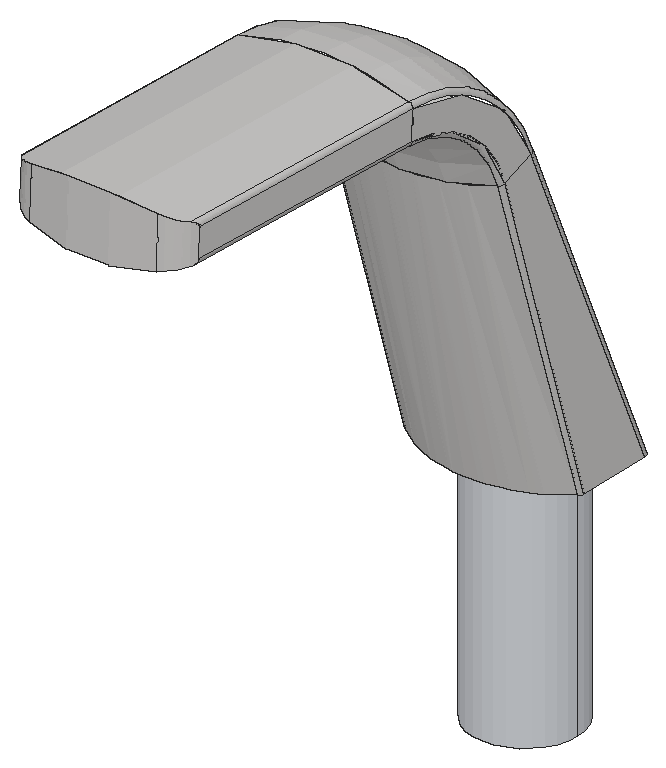
Revit family "TSL.R020", category Specialty Equipment, host Face, Revit 2017
Family settings
  Host = Face
  Round Connector Dimension = Use Diameter
  Part Type = Normal
  OmniClass Number = 23.40.20.21.34
  OmniClass Title = Soap Holders, Dispensers
  Cut with Voids When Loaded = No
  Shared = No
  Room Calculation Point = No
Parameters (values of type "TSL.R020")
  material = Steel-Lovair-Satin
  Waste Connection = no
  WarrantyStartDate [instance] = "1900-12-31T23:59:59"
  WarrantyGuarantorParts = "https://thesplashlab.com/"
  WarrantyGuarantorLabor = "n/a"
  WarrantyDurationUnit = "year"
  WarrantyDurationParts = "1"
  WarrantyDurationLabor = "n/a"
  WarrantyDescription = "2 years from date of purchase"
  Version = 0
  Vent Connection = no
  Uniclass2 = "45-35-72/358"
  URL = "https://thesplashlab.com/"
  TypeName = "TSL.R020"
  Type Comments = ""
  TagNumber [instance] = "n/a"
  SustainabilityPerformance = "n/a"
  Size = "n/a"
  Shape = "n/a"
  SerialNumber [instance] = "n/a"
  Revision = "n/a"
  ReplacementCost = "n/a"
  ReferencedStandard = ""
  ProductionYear = ""
  ProductInformation = "https://thesplashlab.com/"
  Product Specification Link = "https://thesplashlab.com/"
  Product Page Link = "https://thesplashlab.com/"
  Product O&M Link = "https://thesplashlab.com/"
  Product Documentation Link = "https://thesplashlab.com/"
  NominalWidth = 48 mm
  NominalLength = 164.3 mm
  NominalHeight = 113 mm
  Name = "TSL.R020"
  NBSTypeID = ""
  NBSReference = Uniclass2  # "45-35-72/358"
  NBSNote = ""
  NBSDescription = "n/a"
  NBS Specfication = ""
  ModelReference = "n/a"
  ModelNumber = "TSL.R020"
  Model = "TSL.R020"
  Material = "Stainless Steel"
  ManufacturerURL = "https://thesplashlab.com/"
  Manufacturer Tel = ""
  Manufacturer Fax = ""
  Manufacturer Address = ""
  Manufacturer = "The Splash lab"
  Keynote = "N13/310"
  InstallationDate [instance] = "1900-12-31T23:59:59"
  IfcExportType = "SOAPDISPENSER"
  IfcExportAs = "IfcBuildingElementProxy"
  Grade = "304"
  Finish = "Brushed"
  Features = "n/a"
  Extidentifier = ""
  ExpectedLife = 2
  DurationUnit = "year"
  DocumentationTechnical = "https://thesplashlab.com/"
  DocumentationMaintenance = "https://thesplashlab.com/"
  DocumentationLiterature = "https://thesplashlab.com/"
  DocumentationInstallationGuide = "https://thesplashlab.com/"
  DocumentationCertificates = ""
  Description = ""
  Default Elevation = 0 mm
  CreatedOn = "April 2019"
  Constituents = "n/a"
  Color = "n/a"
  CodePerformance = "n/a"
  ClassificationValue = ""
  ClassificationName = ""
  Category = "n/a"
  BarCode [instance] = "n/a"
  BIMObjectName = "TSL.R020"
  Author = "https://thesplashlab.com/"
  AssetType = "fixed"
  AssetIdentifier [instance] = "n/a"
  Assembly Code = "C1030210"
  AccessibilityPerformance = "n/a"
Reference planes
  plane 1 "Center (Front/Back)": y = 0
  plane 2: z = 0
  plane 3 "Center (Left/Right)": x = 0
  plane 4: through (0, -66.841, 129.287) normal (0, 0.0418, 0.9991)
Forms (mm)
  SweptBlend 1, solid, material "Steel-Lovair-Satin" <- "material"
    path in 3D
      loop
        line (0, 2.921, -8.347) -> (0, -36.412, 99.717)
    profile origin (0, 2.921, -8.347) x (0, -0.939693, -0.34202) y (1, 0, 0)
      loop
        arc (11.408, -27) -> (12.111, -26.846) -> (12.686, -26.414) r 1.687
        arc (12.686, -26.414) -> (22.5, 0) -> (12.686, 26.415) r 40.454
        arc (12.686, 26.415) -> (12.111, 26.847) -> (11.408, 27) r 1.687
        line (11.408, 27) -> (-11.408, 27)
        arc (-11.408, 27) -> (-12.111, 26.847) -> (-12.686, 26.415) r 1.687
        arc (-12.686, 26.415) -> (-22.5, 0) -> (-12.686, -26.414) r 40.454
        arc (-12.686, -26.414) -> (-12.111, -26.846) -> (-11.408, -27) r 1.687
        line (-11.408, -27) -> (11.408, -27)
    end profile origin (0, -36.412, 99.717) x (0, -0.939693, -0.34202) y (1, 0, 0)
      loop
        line (5.249, 26.997) -> (-5.214, 26.997)
        arc (-5.214, 26.997) -> (-6.122, 26.731) -> (-6.745, 26.019) r 1.687
        arc (-6.745, 26.019) -> (-12.482, -0.003) -> (-6.744, -26.025) r 61.873
        arc (-6.744, -26.025) -> (-6.121, -26.737) -> (-5.213, -27.003) r 1.687
        line (-5.213, -27.003) -> (5.248, -27.003)
        arc (5.248, -27.003) -> (6.156, -26.737) -> (6.779, -26.025) r 1.687
        arc (6.779, -26.025) -> (12.518, -0.003) -> (6.78, 26.019) r 61.873
        arc (6.78, 26.019) -> (6.158, 26.731) -> (5.249, 26.997) r 1.687
  Extrusion 2, void
    sketch origin (0, -9.977, 0) x (0, 1, 0) y (0, 0, 1)
      loop
        line (44.017, 0) -> (-18.568, 0) -> (-18.568, -28.187) -> (44.017, -28.187) -> (44.017, 0)
    from -47.752 to 41.76
  Revolve 3, solid, material "Steel-Lovair-Satin" <- "material"
    sketch origin (0, -9.977, 27.089) x (0, 1, 0) y (0, 0, 1)
      loop
        line (-121.149, 104.469) -> (-121.532, 95.318)
        arc (-121.532, 95.318) -> (-121.138, 94.242) -> (-120.098, 93.76) r 1.497
        line (-120.098, 93.76) -> (-119.096, 93.718) -> (-119.034, 95.217) -> (-117.461, 95.151) -> (-116.175, 91.768) -> (-111.679, 91.58) -> (-111.158, 104.052) -> (-121.149, 104.469)
      axis (-111.158, 104.052) -> (-111.679, 91.58)
    angle from 0 to 360
  SweptBlend 4, solid, material "Steel-Lovair-Satin"
    path origin (0, -9.977, 0) x (0, 1, 0) y (0, 0, 1)
      loop
        arc (-26.435, 99.717) -> (-42.146, 120.641) -> (-66.841, 129.287) r 45
    profile origin (0, -36.412, 99.717) x (0, -0.939693, -0.34202) y (1, 0, 0)
      loop
        arc (-6.744, -26.025) -> (-6.121, -26.738) -> (-5.212, -27.003) r 1.688
        line (-5.212, -27.003) -> (5.248, -27.003)
        arc (5.248, -27.003) -> (6.156, -26.738) -> (6.779, -26.025) r 1.688
        arc (6.779, -26.025) -> (12.518, -0.003) -> (6.78, 26.019) r 61.873
        arc (6.78, 26.019) -> (6.158, 26.732) -> (5.249, 26.997) r 1.688
        line (5.249, 26.997) -> (-5.221, 26.997)
        arc (-5.221, 26.997) -> (-6.124, 26.732) -> (-6.744, 26.022) r 1.682
        arc (-6.744, 26.022) -> (-12.482, -0.001) -> (-6.744, -26.025) r 61.873
    end profile origin (0, -76.818, 129.287) x (0, -0.041774, -0.999127) y (1, 0, 0)
      loop
        arc (-5.915, 25.832) -> (-9.967, 0) -> (-5.915, -25.831) r 84.353
        arc (-5.915, -25.831) -> (-5.291, -26.685) -> (-4.281, -26.999) r 1.684
        line (-4.281, -26.999) -> (4.417, -26.999)
        arc (4.417, -26.999) -> (5.388, -26.664) -> (5.985, -25.828) r 1.688
        arc (5.985, -25.828) -> (10.035, 0.001) -> (5.985, 25.83) r 84.383
        arc (5.985, 25.83) -> (5.378, 26.672) -> (4.393, 27) r 1.688
        line (4.393, 27) -> (-4.311, 27)
        arc (-4.311, 27) -> (-5.303, 26.677) -> (-5.915, 25.832) r 1.684
  Extrusion 5, void
    sketch origin (0, 16.419, 125.389) x (0, 0.999127, -0.041774) y (1, 0, 0)
      loop
        line (-215.746, 31.887) -> (-215.746, -31.887) -> (-169.704, -31.887) -> (-169.704, -27.955)
        arc (-169.704, -27.955) -> (-176.728, -25.52) -> (-180.737, -19.26) r 11.348
        arc (-180.737, -19.26) -> (-183.021, 0) -> (-180.738, 19.26) r 82.384
        arc (-180.738, 19.26) -> (-176.728, 25.52) -> (-169.704, 27.955) r 11.348
        line (-169.704, 27.955) -> (-169.704, 31.887) -> (-215.746, 31.887)
    from -18.489 to 27.383
  Sweep 6, solid, material "Steel-Lovair-Satin"
    path origin (0, -9.977, 0) x (0, 1, 0) y (0, 0, 1)
      loop
        line (-66.841, 129.287) -> (-181.097, 134.064)
    profile origin (0, -133.946, 131.676) x (0, -0.041774, -0.999127) y (1, 0, 0)
      loop
        arc (-5.913, -25.832) -> (-5.284, -26.678) -> (-4.28, -27) r 1.727
        line (-4.28, -27) -> (4.42, -26.999)
        arc (4.42, -26.999) -> (5.39, -26.664) -> (5.986, -25.829) r 1.688
        arc (5.986, -25.829) -> (10.034, -0.065) -> (6.026, 25.705) r 84.418
        arc (6.026, 25.705) -> (5.426, 26.637) -> (4.378, 27) r 1.696
        line (4.378, 27) -> (-4.31, 27)
        arc (-4.31, 27) -> (-5.302, 26.677) -> (-5.913, 25.831) r 1.684
        arc (-5.913, 25.831) -> (-9.966, 0) -> (-5.913, -25.832) r 84.355
  Extrusion 7, solid
    sketch origin (-266.8, -230.5, 0) x (1, 0, 0) y (0, 1, 0)
      loop
        circle (266.8, 230.5) r 16
    from 0 to -75.013
Cuts and joins
  Extrusion 2 cuts SweptBlend 1
  Extrusion 5 cuts Sweep 6
Lines and regions (mm)
  Masking region 1
    outline origin (-266.8, -240.477, 0) x (1, 0, 0) y (0, 1, 0)
      loop
        arc (240.43, 250.402) -> (239.964, 249.76) -> (239.8, 248.984) r 1.905
        line (239.8, 248.984) -> (239.8, 82.711)
        arc (239.8, 82.711) -> (242.82, 78.622) -> (247.265, 76.155) r 11.958
        arc (247.265, 76.155) -> (266.8, 73.612) -> (286.335, 76.155) r 76.279
        arc (286.335, 76.155) -> (290.78, 78.622) -> (293.8, 82.711) r 11.958
        line (293.8, 82.711) -> (293.8, 248.984)
        arc (293.8, 248.984) -> (293.645, 249.739) -> (293.204, 250.371) r 1.905
        arc (293.204, 250.371) -> (266.823, 260.881) -> (240.43, 250.402) r 38.422
  Masking region 2
    outline origin (0, 0, 0) x (0, 1, 0) y (0, 0, 1)
      loop
        line (23.76, 0) -> (-24.682, 103.987)
        arc (-24.682, 103.987) -> (-45.207, 129.441) -> (-76.402, 139.244) r 56.447
        line (-76.402, 139.244) -> (-166.053, 142.993) -> (-166.889, 123.012) -> (-77.237, 119.264)
        arc (-77.237, 119.264) -> (-59.181, 111.649) -> (-48.174, 95.436) r 34.538
        line (-48.174, 95.436) -> (-22.533, 0) -> (23.76, 0)
  Masking region 3
    outline origin (-106.16, -28.869, 0) x (-1, 0, 0) y (0, 0, -1)
      loop
        line (-79.16, 0) -> (-133.16, 0) -> (-133.16, -136.975)
        arc (-133.16, -136.975) -> (-132.84, -138.001) -> (-131.992, -138.662) r 1.803
        arc (-131.992, -138.662) -> (-106.163, -142.993) -> (-80.333, -138.664) r 79.209
        arc (-80.333, -138.664) -> (-79.482, -138.003) -> (-79.16, -136.975) r 1.803
        line (-79.16, -136.975) -> (-79.16, 0)
  reference lines
    curve 1: line (0, 2.921, -8.347) -> (0, -36.412, 99.717)
    curve 2: line (0, -156.104, 132.602) -> (0, -76.818, 129.287)
    curve 3: arc (0, -36.412, 99.717) -> (0, -52.122, 120.641) -> (0, -76.818, 129.287) r 45
    curve 5: line (0, -121.135, 131.14) -> (0, -121.761, 116.153)
  sketch lines
    curve 4: line (0, 2.921, -8.347) -> (0, -36.412, 99.717)
  symbolic lines
    curve 6: arc (-24.503, -30.874, 0) -> (0, -25.683, 0) -> (24.503, -30.874, 0) r 60.42
    curve 7: line (0, -117.16, 118.481) -> (0, -126.152, 118.857)
    curve 8: line (0, -126.152, 118.857) -> (0, -126.858, 120.714)
    curve 9: line (0, -117.16, 118.481) -> (0, -116.302, 120.272)
    curve 10: line (0, -113.03, 120.136) -> (0, -130.13, 120.851)
    curve 11: arc (0, -130.13, 120.851) -> (0, -130.773, 121.045) -> (0, -131.247, 121.522) r 1.372
    curve 12: arc (0, -113.03, 120.136) -> (0, -112.373, 120.276) -> (0, -111.861, 120.711) r 1.372
    curve 13: arc (-25.823, -28.869, 126.807) -> (-26.666, -28.869, 127.322) -> (-26.999, -28.869, 128.252) r 1.484
    curve 14: arc (25.823, -28.869, 126.807) -> (26.666, -28.869, 127.322) -> (26.999, -28.869, 128.252) r 1.484
    curve 15: arc (-25.823, -28.869, 126.807) -> (0, -28.869, 122.994) -> (25.823, -28.869, 126.807) r 89.36
    curve 16: line (-10.011, -28.869, 123.557) -> (-10.011, -28.869, 122.007)
    curve 17: arc (-10.011, -28.869, 122.007) -> (-9.539, -28.869, 120.868) -> (-8.399, -28.869, 120.396) r 1.611
    curve 18: line (10.011, -28.869, 123.557) -> (10.011, -28.869, 122.007)
    curve 19: arc (10.011, -28.869, 122.007) -> (9.539, -28.869, 120.868) -> (8.399, -28.869, 120.396) r 1.611
    curve 20: arc (-8.399, -28.869, 120.396) -> (0, -28.869, 120.129) -> (8.399, -28.869, 120.396) r 132.414
    curve 21: line (-5.176, -28.869, 120.23) -> (-4.509, -28.869, 118.66)
    curve 22: line (5.176, -28.869, 120.23) -> (4.509, -28.869, 118.66)
    curve 23: arc (-4.509, -28.869, 118.66) -> (0, -28.869, 118.452) -> (4.509, -28.869, 118.66) r 49.146
    curve 24: line (0, -14.261, -179.031) -> (0, -0.856, -160.619)
    curve 25: line (0, -12.761, -179.031) -> (0, 0.644, -160.619)
    curve 26: line (0, -1.933, -160.219) -> (0, 1.933, -160.219)
    curve 27: line (0, 13.737, -178.875) -> (0, 0.644, -160.619)
    curve 28: line (0, 12.443, -178.898) -> (0, 0.025, -164.613)
    curve 29: line (0, -14.261, -251.657) -> (0, -0.856, -270.069)
    curve 30: line (0, -12.761, -251.657) -> (0, 0.644, -270.069)
    curve 31: line (0, -1.933, -270.469) -> (0, 2.067, -270.469)
    curve 32: line (0, 13.737, -251.812) -> (0, 0.644, -270.069)
    curve 33: line (0, 12.443, -251.789) -> (0, 0.025, -266.075)
    curve 34: line (0, -1.933, -270.469) -> (0, 5.394, -410.277)
    curve 35: line (0, 67.125, -326.535) -> (0, 8, -75.013)
    curve 36: line (0, 61.267, -326.535) -> (0, 2.018, -75.48)
    curve 37: line (0, 1.933, -160.219) -> (0, 1.933, -75.013)
    curve 38: line (0, -1.933, -160.219) -> (0, -1.933, -75.013)
    curve 39: line (0, 2.067, -270.469) -> (0, 7.802, -407.082)
Dimensions and locks
  aligned and locked: plane 2 to host face
  aligned and locked: level to host face
  aligned and locked: Revolve 3 sketch curve to curve 5  (x2)
Nested families
  nested 1: "881 solenoid" at (0, 64.5, -425.469) x (0, -1, 0) z (1, 0, 0), type "881 solenoid"
  nested 2: "sensor leads" at (0, 13.262, -207.28) x (0, 1, 0) z (1, 0, 0), type "sensor leads"
  nested 3: "sensor leads" at (0, -13.778, -223.275) x (0, -1, 0) z (1, 0, 0), type "sensor leads"
Definition of nested family "881 solenoid"
  Reference planes
    plane 1 "Center (Front/Back)": y = 0
    plane 2: z = 0
    plane 3 "Center (Left/Right)": x = 0
  Lines and regions (mm)
    Masking region 1, in view "Ref. Level"
      outline origin (0, 0, 0) x (1, 0, 0) y (0, 1, 0)
        loop
          line (-6.606, 88.813) -> (-6.606, 82.475) -> (-7.46, 82.475) -> (-7.46, 79.729) -> (-7.46, 76.812) -> (-9.168, 76.812) -> (-9.168, 69.092) -> (-11.575, 69.092) -> (-11.575, 57.438) -> (-9, 57.438) -> (-9, 42.352) -> (-9, 27.774) -> (-6.606, 27.774) -> (-6.606, 15.772) -> (-9, 15.772) -> (-9, 0) -> (9, 0) -> (9, 15.772) -> (6.774, 15.772) -> (6.774, 17.315) -> (18.084, 17.315) -> (18.084, 25.724) -> (19.63, 25.724) -> (19.63, 21.436) -> (45.867, 21.436) -> (45.867, 25.724) -> (47.918, 25.724) -> (47.918, 40.462) -> (46.728, 40.462) -> (46.728, 76.296) -> (41.92, 76.296) -> (41.92, 44.749) -> (19.63, 44.749) -> (19.63, 40.462) -> (18.084, 40.462) -> (18.084, 48.869) -> (9, 48.869) -> (9, 57.438) -> (11.743, 57.438) -> (11.743, 69.092) -> (9.343, 69.092) -> (9.343, 76.812) -> (7.628, 76.812) -> (7.628, 79.729) -> (7.628, 82.475) -> (6.606, 82.475) -> (6.606, 88.813) -> (6.606, 96.188) -> (4.374, 96.188) -> (4.374, 97.391) -> (6.431, 97.909) -> (5.746, 98.934) -> (-5.746, 98.934) -> (-6.431, 97.909) -> (-4.374, 97.391) -> (-4.374, 96.188) -> (-6.606, 96.188) -> (-6.606, 88.813)
    model lines, in view "Ref. Level"
      curve 1: line (-11.575, 69.092, 0) -> (11.743, 69.092, 0)
      curve 2: line (11.743, 69.092, 0) -> (11.743, 57.438, 0)
      curve 3: line (11.743, 57.438, 0) -> (-11.575, 57.438, 0)
      curve 4: line (-11.575, 57.438, 0) -> (-11.575, 69.092, 0)
      curve 5: line (-9.168, 76.812, 0) -> (9.343, 76.812, 0)
      curve 6: line (9.343, 76.812, 0) -> (9.343, 69.092, 0)
      curve 7: line (9.343, 69.092, 0) -> (-9.168, 69.092, 0)
      curve 8: line (-9.168, 69.092, 0) -> (-9.168, 76.812, 0)
      curve 9: line (-7.117, 76.812, 0) -> (7.285, 76.812, 0)
      curve 10: line (7.285, 79.729, 0) -> (-7.117, 79.729, 0)
      curve 11: line (-7.46, 79.729, 0) -> (7.628, 79.729, 0)
      curve 12: line (7.628, 82.475, 0) -> (-7.46, 82.475, 0)
      curve 13: line (-6.606, 88.813, 0) -> (6.774, 88.813, 0)
      curve 14: line (6.942, 82.475, 0) -> (-6.774, 82.475, 0)
      curve 15: line (-6.606, 88.813, 0) -> (6.606, 88.813, 0)
      curve 16: line (-6.606, 96.188, 0) -> (-6.606, 88.813, 0)
      curve 17: line (-9, 57.438, 0) -> (-9, 42.352, 0)
      curve 18: line (-6.606, 27.774, 0) -> (5.228, 27.774, 0)
      curve 19: line (-6.606, 27.774, 0) -> (-6.606, 15.772, 0)
      curve 20: line (9, 15.772, 0) -> (-9, 15.772, 0)
      curve 21: line (-9, 15.772, 0) -> (-9, 0, 0)
      curve 22: line (-9, 0, 0) -> (9, 0, 0)
      curve 23: line (9, 0, 0) -> (9, 15.772, 0)
      curve 24: line (6.774, 15.772, 0) -> (6.774, 17.315, 0)
      curve 25: line (6.774, 17.315, 0) -> (18.084, 17.315, 0)
      curve 26: line (18.084, 17.315, 0) -> (18.084, 48.869, 0)
      curve 27: line (18.084, 48.869, 0) -> (9, 48.869, 0)
      curve 28: line (9, 48.869, 0) -> (9, 57.438, 0)
      curve 29: line (-9, 47.148, 0) -> (5.228, 47.148, 0)
      curve 30: line (5.228, 47.148, 0) -> (5.228, 45.267, 0)
      curve 31: line (5.228, 45.267, 0) -> (-9, 45.267, 0)
      curve 32: line (-7.978, 36.182, 0) -> (5.228, 36.182, 0)
      curve 33: line (5.228, 36.182, 0) -> (5.228, 29.833, 0)
      curve 34: line (5.228, 29.833, 0) -> (-7.978, 29.833, 0)
      curve 35: line (-7.978, 29.833, 0) -> (-7.978, 36.182, 0)
      curve 36: line (8.916, 48.785, 0) -> (5.228, 47.148, 0)
      curve 37: line (5.228, 47.148, 0) -> (5.228, 17.831, 0)
      curve 38: line (5.228, 17.831, 0) -> (6.774, 17.315, 0)
      curve 39: line (18.084, 40.462, 0) -> (47.918, 40.462, 0)
      curve 40: line (47.918, 40.462, 0) -> (47.918, 25.724, 0)
      curve 41: line (47.918, 25.724, 0) -> (18.084, 25.724, 0)
      curve 42: line (41.92, 76.296, 0) -> (46.728, 76.296, 0)
      curve 43: line (46.728, 76.296, 0) -> (46.728, 40.462, 0)
      curve 44: line (46.728, 40.462, 0) -> (41.92, 40.462, 0)
      curve 45: line (41.92, 40.462, 0) -> (41.92, 76.296, 0)
      curve 46: line (19.63, 44.749, 0) -> (41.92, 44.749, 0)
      curve 47: line (41.92, 44.749, 0) -> (41.92, 40.462, 0)
      curve 48: line (41.92, 40.462, 0) -> (19.63, 40.462, 0)
      curve 49: line (19.63, 40.462, 0) -> (19.63, 44.749, 0)
      curve 50: line (45.867, 21.436, 0) -> (19.63, 21.436, 0)
      curve 51: line (19.63, 21.436, 0) -> (19.63, 25.724, 0)
      curve 52: line (19.63, 25.724, 0) -> (45.867, 25.724, 0)
      curve 53: line (45.867, 25.724, 0) -> (45.867, 21.436, 0)
    detail lines, in view "Ref. Level"
      curve 54: line (-9.349, 42.352, 0) -> (5.228, 42.352, 0)
      curve 55: line (-4.374, 96.188, 0) -> (4.374, 96.188, 0)
      curve 56: line (-4.374, 97.391, 0) -> (4.374, 97.391, 0)
Definition of nested family "sensor leads"
  Reference planes
    plane 1 "Center (Front/Back)": y = 0
    plane 2: z = 0
    plane 3 "Center (Left/Right)": x = 0
  Lines and regions (mm)
    model lines, in view "Ref. Level"
      curve 1: arc (2.502, -23.078, 0) -> (1.639, -24.33, 0) -> (2.5, -25.583, 0) r 1.342
      curve 2: arc (-2.502, -23.078, 0) -> (-1.639, -24.33, 0) -> (-2.5, -25.583, 0) r 1.342
      curve 3: line (3.638, -17.723, 0) -> (2.706, -22.253, 0)
      curve 4: line (2.623, -22.253, 0) -> (2.502, -23.078, 0)
      curve 5: line (0, -16.927, 0) -> (3.467, -16.927, 0)
      curve 6: line (3.467, -16.927, 0) -> (3.732, -17.056, 0)
      curve 7: line (3.467, -16.391, 0) -> (0, -16.391, 0)
      curve 8: line (0, -16.391, 0) -> (-3.467, -16.391, 0)
      curve 9: line (-3.467, -16.391, 0) -> (-3.467, -16.927, 0)
      curve 10: line (-3.467, -16.927, 0) -> (0, -16.927, 0)
      curve 11: line (3.732, -17.056, 0) -> (3.732, -17.723, 0)
      curve 12: line (3.732, -17.723, 0) -> (0, -17.723, 0)
      curve 13: line (0, -17.723, 0) -> (-3.732, -17.723, 0)
      curve 14: line (-3.732, -17.723, 0) -> (-3.732, -17.056, 0)
      curve 15: line (-3.732, -17.056, 0) -> (0, -17.056, 0)
      curve 16: line (3.467, -16.391, 0) -> (3.732, -16.124, 0)
      curve 17: line (0, -14.528, 0) -> (-3.732, -14.528, 0)
      curve 18: line (-3.732, -14.528, 0) -> (-3.732, -16.124, 0)
      curve 19: line (-3.732, -16.124, 0) -> (0, -16.124, 0)
      curve 20: line (0, -16.124, 0) -> (3.732, -16.124, 0)
      curve 21: line (3.732, -16.124, 0) -> (3.732, -14.528, 0)
      curve 22: line (0, -14.392, 0) -> (-3.467, -14.392, 0)
      curve 23: line (-3.467, -14.392, 0) -> (-3.467, -13.86, 0)
      curve 24: line (-3.467, -13.86, 0) -> (0, -13.86, 0)
      curve 25: line (0, -13.86, 0) -> (3.467, -13.86, 0)
      curve 26: line (3.467, -13.86, 0) -> (3.467, -14.392, 0)
      curve 27: line (3.467, -14.392, 0) -> (3.732, -14.528, 0)
      curve 28: line (3.467, -13.86, 0) -> (3.732, -13.593, 0)
      curve 29: line (3.732, -13.593, 0) -> (3.732, -9.73, 0)
      curve 30: line (3.732, -9.73, 0) -> (0, -9.73, 0)
      curve 31: line (0, -9.73, 0) -> (-3.732, -9.73, 0)
      curve 32: line (-3.732, -9.73, 0) -> (-3.732, -13.593, 0)
      curve 33: line (-3.732, -13.593, 0) -> (0, -13.593, 0)
      curve 34: line (3.467, -9.595, 0) -> (3.732, -9.73, 0)
      curve 35: line (0, -9.06, 0) -> (3.467, -9.06, 0)
      curve 36: line (3.467, -9.595, 0) -> (0, -9.595, 0)
      curve 37: line (0, -9.595, 0) -> (-3.467, -9.595, 0)
      curve 38: line (-3.467, -9.595, 0) -> (-3.467, -9.06, 0)
      curve 39: line (-3.467, -9.06, 0) -> (0, -9.06, 0)
      curve 40: line (3.732, -8.795, 0) -> (3.732, -7.196, 0)
      curve 41: line (3.732, -7.196, 0) -> (0, -7.196, 0)
      curve 42: line (0, -7.196, 0) -> (-3.732, -7.196, 0)
      curve 43: line (-3.732, -7.196, 0) -> (-3.732, -8.795, 0)
      curve 44: line (-3.732, -8.795, 0) -> (3.732, -8.795, 0)
      curve 45: line (3.467, -6.932, 0) -> (-3.467, -6.932, 0)
      curve 46: line (-3.626, -6.532, 0) -> (3.626, -6.532, 0)
      curve 47: line (3.732, -6.264, 0) -> (3.467, -6.932, 0)
      curve 48: line (3.467, -6.932, 0) -> (3.732, -7.196, 0)
      curve 49: line (0, -6.264, 0) -> (3.732, -6.264, 0)
      curve 50: line (3.732, -6.264, 0) -> (3.732, 0, 0)
      curve 51: line (3.732, 0, 0) -> (0, 0, 0)
      curve 52: line (0, 0, 0) -> (-3.732, 0, 0)
      curve 53: line (-3.732, 0, 0) -> (-3.732, -6.264, 0)
      curve 54: line (-3.732, -6.264, 0) -> (0, -6.264, 0)
      curve 55: line (0, -28.382, 0) -> (2.497, -28.382, 0)
      curve 56: line (2.497, -28.382, 0) -> (2.497, -25.583, 0)
      curve 57: line (2.497, -25.583, 0) -> (0, -25.583, 0)
      curve 58: line (0, -25.583, 0) -> (-2.5, -25.583, 0)
      curve 59: line (-2.5, -25.583, 0) -> (-2.5, -28.382, 0)
      curve 60: line (-2.5, -28.382, 0) -> (0, -28.382, 0)
      curve 61: line (-3.638, -17.723, 0) -> (-2.706, -22.253, 0)
      curve 62: line (-2.623, -22.253, 0) -> (-2.502, -23.078, 0)
      curve 63: line (-3.467, -16.927, 0) -> (-3.732, -17.056, 0)
      curve 64: line (-3.467, -16.391, 0) -> (-3.732, -16.124, 0)
      curve 65: line (-3.467, -14.392, 0) -> (-3.732, -14.528, 0)
      curve 66: line (-3.467, -13.86, 0) -> (-3.732, -13.593, 0)
      curve 67: line (-3.467, -9.595, 0) -> (-3.732, -9.73, 0)
      curve 68: line (-3.467, -9.06, 0) -> (-3.732, -8.795, 0)
      curve 69: line (-3.732, -6.264, 0) -> (-3.467, -6.932, 0)
      curve 70: line (-3.467, -6.932, 0) -> (-3.732, -7.196, 0)
      curve 71: arc (-2.399, 41.311, 0) -> (-1.199, 40.111, 0) -> (-2.399, 38.912, 0) r 1.199
      curve 72: arc (-2.799, 22.922, 0) -> (-3.131, 22.59, 0) -> (-2.799, 22.258, 0) r 0.332
      curve 73: arc (-2.799, 20.725, 0) -> (-3.131, 20.392, 0) -> (-2.799, 20.06, 0) r 0.332
      curve 74: arc (-2.799, 18.526, 0) -> (-3.131, 18.194, 0) -> (-2.799, 17.861, 0) r 0.332
      curve 75: arc (2.799, 17.861, 0) -> (3.131, 18.194, 0) -> (2.799, 18.526, 0) r 0.332
      curve 76: arc (2.799, 20.06, 0) -> (3.131, 20.392, 0) -> (2.799, 20.725, 0) r 0.332
      curve 77: arc (2.799, 22.258, 0) -> (3.131, 22.59, 0) -> (2.799, 22.922, 0) r 0.332
      curve 78: arc (2.399, 38.912, 0) -> (1.199, 40.111, 0) -> (2.399, 41.311, 0) r 1.199
      curve 79: line (2.799, 17.863, 0) -> (-2.799, 17.863, 0)
      curve 80: line (-2.799, 17.863, 0) -> (-2.799, 15.995, 0)
      curve 81: line (-2.799, 15.995, 0) -> (0, 15.995, 0)
      curve 82: line (0, 15.995, 0) -> (2.799, 15.995, 0)
      curve 83: line (2.799, 15.995, 0) -> (2.799, 17.861, 0)
      curve 84: line (2.799, 18.526, 0) -> (2.799, 20.06, 0)
      curve 85: line (2.799, 20.06, 0) -> (-2.799, 20.06, 0)
      curve 86: line (-2.799, 20.06, 0) -> (-2.799, 18.526, 0)
      curve 87: line (-2.799, 18.526, 0) -> (2.799, 18.526, 0)
      curve 88: line (2.799, 20.725, 0) -> (2.799, 22.258, 0)
      curve 89: line (2.799, 22.258, 0) -> (-2.799, 22.258, 0)
      curve 90: line (-2.799, 22.258, 0) -> (-2.799, 20.725, 0)
      curve 91: line (-2.799, 20.725, 0) -> (2.799, 20.725, 0)
      curve 92: line (2.799, 22.922, 0) -> (-2.799, 22.922, 0)
      curve 93: line (-2.799, 22.922, 0) -> (-2.799, 23.855, 0)
      curve 94: line (-2.799, 23.855, 0) -> (-3.198, 23.855, 0)
      curve 95: line (-3.198, 23.855, 0) -> (-3.198, 25.587, 0)
      curve 96: line (-3.198, 25.587, 0) -> (-2.799, 25.854, 0)
      curve 97: line (-2.799, 25.854, 0) -> (-2.799, 26.789, 0)
      curve 98: line (-2.799, 26.789, 0) -> (-2.934, 26.921, 0)
      curve 99: line (-2.934, 26.921, 0) -> (-2.934, 28.253, 0)
      curve 100: line (-2.934, 28.253, 0) -> (-2.799, 28.388, 0)
      curve 101: line (-2.799, 28.388, 0) -> (-2.799, 29.32, 0)
      curve 102: line (-2.799, 29.32, 0) -> (-2.934, 29.452, 0)
      curve 103: line (-2.934, 29.452, 0) -> (-2.934, 30.787, 0)
      curve 104: line (-2.934, 30.787, 0) -> (-2.663, 30.919, 0)
      curve 105: line (-2.663, 30.919, 0) -> (-2.663, 31.851, 0)
      curve 106: line (-2.663, 31.851, 0) -> (-3.063, 31.851, 0)
      curve 107: line (-3.063, 31.851, 0) -> (-3.063, 33.45, 0)
      curve 108: line (-3.063, 33.45, 0) -> (-2.663, 33.45, 0)
      curve 109: line (-2.663, 33.45, 0) -> (-2.663, 34.65, 0)
      curve 110: line (-2.663, 34.65, 0) -> (-2.399, 38.647, 0)
      curve 111: line (-2.399, 38.647, 0) -> (-2.399, 38.912, 0)
      curve 112: line (-2.399, 38.912, 0) -> (2.399, 38.912, 0)
      curve 113: line (2.399, 38.912, 0) -> (2.399, 38.647, 0)
      curve 114: line (2.399, 38.647, 0) -> (2.663, 34.65, 0)
      curve 115: line (2.663, 34.65, 0) -> (2.663, 33.45, 0)
      curve 116: line (2.663, 33.45, 0) -> (3.063, 33.45, 0)
      curve 117: line (3.063, 33.45, 0) -> (3.063, 31.851, 0)
      curve 118: line (3.063, 31.851, 0) -> (2.663, 31.851, 0)
      curve 119: line (2.663, 31.851, 0) -> (2.663, 30.919, 0)
      curve 120: line (2.663, 30.919, 0) -> (2.934, 30.787, 0)
      curve 121: line (2.934, 30.787, 0) -> (2.934, 29.452, 0)
      curve 122: line (2.934, 29.452, 0) -> (2.799, 29.32, 0)
      curve 123: line (2.799, 29.32, 0) -> (2.799, 28.388, 0)
      curve 124: line (2.799, 28.388, 0) -> (2.931, 28.256, 0)
      curve 125: line (2.934, 28.253, 0) -> (2.934, 26.921, 0)
      curve 126: line (2.934, 26.921, 0) -> (2.799, 26.789, 0)
      curve 127: line (2.799, 26.789, 0) -> (2.799, 25.854, 0)
      curve 128: line (2.799, 25.854, 0) -> (3.198, 25.587, 0)
      curve 129: line (3.198, 25.587, 0) -> (3.198, 23.855, 0)
      curve 130: line (3.198, 23.855, 0) -> (2.799, 23.855, 0)
      curve 131: line (2.799, 23.855, 0) -> (2.799, 22.922, 0)
      curve 132: line (-2.065, 44.244, 0) -> (-2.399, 43.98, 0)
      curve 133: line (-2.399, 43.98, 0) -> (-2.399, 41.311, 0)
      curve 134: line (-2.399, 41.311, 0) -> (2.399, 41.311, 0)
      curve 135: line (2.399, 41.311, 0) -> (2.399, 43.98, 0)
      curve 136: line (2.399, 43.98, 0) -> (2.065, 44.244, 0)
      curve 137: line (2.065, 44.244, 0) -> (-2.065, 44.244, 0)
      curve 138: line (-2.399, 43.98, 0) -> (2.399, 43.98, 0)
      curve 139: line (2.663, 33.45, 0) -> (-2.663, 33.45, 0)
      curve 140: line (-2.663, 31.851, 0) -> (2.663, 31.851, 0)
      curve 141: line (2.663, 30.919, 0) -> (-2.663, 30.919, 0)
      curve 142: line (-2.934, 30.787, 0) -> (2.934, 30.787, 0)
      curve 143: line (2.799, 29.32, 0) -> (-2.799, 29.32, 0)
      curve 144: line (-2.934, 29.452, 0) -> (2.934, 29.452, 0)
      curve 145: line (2.799, 28.388, 0) -> (-2.799, 28.388, 0)
      curve 146: line (-2.934, 28.256, 0) -> (2.931, 28.256, 0)
      curve 147: line (-2.934, 26.918, 0) -> (2.934, 26.918, 0)
      curve 148: line (-2.799, 25.854, 0) -> (2.799, 25.854, 0)
      curve 149: line (-2.799, 23.855, 0) -> (2.799, 23.855, 0)
    detail lines, in view "Ref. Level"
      curve 150: line (3.467, -9.595, 0) -> (3.467, -9.06, 0)
      curve 151: line (3.467, -9.06, 0) -> (3.732, -8.795, 0)
      curve 152: line (3.467, -16.391, 0) -> (3.467, -16.927, 0)
      curve 153: line (3.732, -17.056, 0) -> (0, -17.056, 0)
      curve 154: line (0, -14.528, 0) -> (3.732, -14.528, 0)
      curve 155: line (0, -14.392, 0) -> (3.467, -14.392, 0)
      curve 156: line (3.732, -13.593, 0) -> (0, -13.593, 0)
      curve 157: line (2.505, -23.077, 0) -> (-2.5, -23.077, 0)
      curve 158: line (2.706, -22.253, 0) -> (-2.706, -22.253, 0)
      curve 159: line (-3.198, 25.587, 0) -> (3.198, 25.587, 0)
      curve 160: line (2.799, 26.789, 0) -> (-2.799, 26.789, 0)
